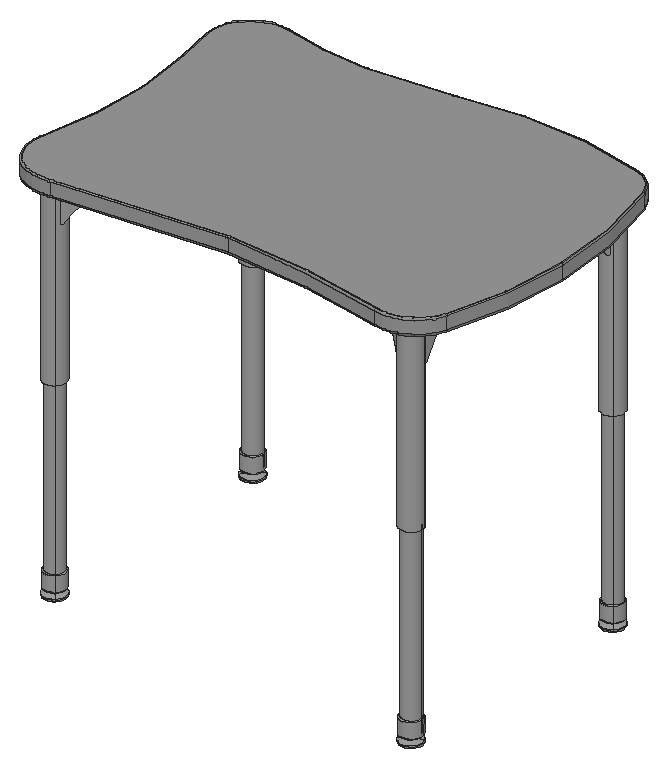
Revit family "Hierarchy Beluga Standard Desk", category Furniture, Revit 2018
Family settings
  Work Plane-Based = No
  Always vertical = Yes
  Cut with Voids When Loaded = No
  Shared = No
  Room Calculation Point = No
Parameters
  Surface = Hierarchy Beluga Desk Standard Surface
  Leg Finish = Hierarchy Leg Platinum
  Height = 2' - 5"
  Edgeband = Hierarchy Beluga Desk Standard Edgeband
  Casters/Gliders = Hierarchy Leg - Glide : Hierarchy Leg - Glide
Reference planes (in)
  plane 1 "Center (Front/Back)": y = 0
  plane 2: z = 0
  plane 3 "Center (Left/Right)": x = 0
  plane 4: z = 29
Dimensions and locks (in)
  "Height": plane 4 to level
  aligned and locked: plane 2 to level
  aligned and locked: nested 1 to plane 4
Nested families (in)
  nested 1: "Beluga Medium Tabletop" at (0, 0, 0.83068), type "Beluga Medium Tabletop"
  nested 2: "Hierarchy Leg - Glide" at (-14.07723, 10.07218, 0) x (0.7166, 0.6975, 0) z (0, 0, 1), type <- "Casters/Gliders", Leg Finish <- "Leg Finish", Leg Height <- "Height", type "Hierarchy Leg - Glide"
  nested 3: "Hierarchy Leg - Glide" at (-14.27231, -8.66326, 0) x (-0.7071, 0.7071, 0) z (0, 0, 1), type <- "Casters/Gliders", Leg Finish <- "Leg Finish", Leg Height <- "Height", type "Hierarchy Leg - Glide"
  nested 4: "Hierarchy Leg - Glide" at (13.60932, -9.32872, 0) x (-0.8749, -0.4844, 0) z (0, 0, 1), Leg Finish <- "Leg Finish", Leg Height <- "Height", type "Hierarchy Leg - Glide"
    with Leg Height 2' - 5", Leg Finish Hierarchy Leg Platinum
  nested 5: "Hierarchy Leg - Glide" at (14.16725, 9.31424, 0) x (0.6975, -0.7166, 0) z (0, 0, 1), Leg Finish <- "Leg Finish", Leg Height <- "Height", type "Hierarchy Leg - Glide"
    with Leg Height 2' - 5", Leg Finish Hierarchy Leg Platinum
Definition of nested family "Beluga Medium Tabletop"
  Parameters (values of type "Beluga Medium Tabletop")
    Surface = none
    Edgeband = none
  Reference planes (in)
    plane 1 "Center (Front/Back)": y = 0
    plane 2: z = 0
    plane 3 "Center (Left/Right)": x = 0
  Forms (in)
    Extrusion 1, solid, material <- "Surface"
      sketch origin (0, 0, 0) x (1, 0, 0) y (0, 1, 0)
        loop
          arc (-13.05798, 12.08168) -> (-15.64341, 11.36326) -> (-16.46477, 8.80867) r 2.82789
          line (-16.46477, 8.80867) -> (-15.88516, 5.68142)
          arc (-15.88516, 5.68142) -> (-15.40806, -0.79534) -> (-16.35239, -7.22063) r 29.65208
          arc (-16.35239, -7.22063) -> (-15.56424, -10.17848) -> (-12.64139, -11.08784) r 3.16705
          arc (-12.64139, -11.08784) -> (-6.35331, -10.12649) -> (0, -9.81097) r 62.33765
          arc (0, -9.81097) -> (6.2572, -10.16084) -> (12.43935, -11.18852) r 57.59241
          arc (12.43935, -11.18852) -> (14.6727, -10.8588) -> (16.1145, -9.12163) r 3.15622
          arc (16.1145, -9.12163) -> (17.2485, -4.62246) -> (17.65018, 0) r 28.9898
          arc (17.65018, 0) -> (17.26847, 4.97473) -> (16.06857, 9.81765) r 30.03763
          arc (16.06857, 9.81765) -> (15.33862, 10.95737) -> (14.16003, 11.62272) r 2.80546
          arc (14.16003, 11.62272) -> (7.04441, 12.69556) -> (-0.12141, 12.03676) r 29.89142
          arc (-0.12141, 12.03676) -> (-3.26921, 11.52773) -> (-6.45286, 11.34834) r 30.66359
          arc (-6.45286, 11.34834) -> (-9.7765, 11.52517) -> (-13.05798, 12.08168) r 28.99825
      from 28.16932 to 29.36932
    Sweep 2, solid, material <- "Edgeband"
      path origin (0, 0, 0) x (1, 0, 0) y (0, 1, 0)
        loop
          arc (-12.64139, -11.08784) -> (-6.35331, -10.12649) -> (0, -9.81097) r 62.33765
          arc (0, -9.81097) -> (6.2572, -10.16084) -> (12.43935, -11.18852) r 57.59241
          arc (12.43935, -11.18852) -> (14.6727, -10.8588) -> (16.1145, -9.12163) r 3.15622
          arc (16.1145, -9.12163) -> (17.2485, -4.62246) -> (17.65018, 0) r 28.9898
          arc (17.65018, 0) -> (17.26847, 4.97473) -> (16.06857, 9.81765) r 30.03763
          arc (16.06857, 9.81765) -> (15.33862, 10.95737) -> (14.16003, 11.62272) r 2.80546
          arc (14.16003, 11.62272) -> (7.04441, 12.69556) -> (-0.12141, 12.03676) r 29.89142
          arc (-0.12141, 12.03676) -> (-3.26921, 11.52773) -> (-6.45286, 11.34834) r 30.66359
          arc (-6.45286, 11.34834) -> (-9.7765, 11.52517) -> (-13.05798, 12.08168) r 28.99825
          arc (-13.05798, 12.08168) -> (-15.64341, 11.36326) -> (-16.46477, 8.80867) r 2.82789
          line (-16.46477, 8.80867) -> (-15.88516, 5.68142)
          arc (-15.88516, 5.68142) -> (-15.40806, -0.79534) -> (-16.35239, -7.22063) r 29.65208
          arc (-16.35239, -7.22063) -> (-15.56424, -10.17848) -> (-12.64139, -11.08784) r 3.16705
      profile origin (-6.35331, -10.12649, 0) x (-0.100496, 0.994938, 0) y (0, 0, 1)
        loop
          line (0, 28.16932) -> (0, 29.36932)
          arc (0, 29.36932) -> (-0.08278, 29.33503) -> (-0.11707, 29.25225) r 0.11707
          line (-0.11707, 29.25225) -> (-0.11707, 28.2864)
          arc (-0.11707, 28.2864) -> (-0.08278, 28.20361) -> (0, 28.16932) r 0.11707
  Dimensions and locks (in)
    aligned and locked: plane 2 to level
Definition of nested family "Hierarchy Leg - Glide"
  Parameters (values of type "Hierarchy Leg - Glide")
    Leg Finish [instance] = none
    Leg Height [instance] = 2' - 5"
  Reference planes (in)
    plane 1 "Center (Front/Back)": y = 0
    plane 2: z = 0
    plane 3 "Center (Left/Right)": x = 0
  Forms (in)
    Extrusion 1, solid
      sketch origin (-0.01562, 0, 0) x (1, 0, 0) y (0, 1, 0)
        loop
          circle (0.01563, 0) r 0.67016
      from 0.67618 to 16.17618
    Revolve 2, solid
      sketch origin (0, 0, 0) x (1, 0, 0) y (0, 0, 1)
        loop
          line (-0.73189, 1.80118) -> (-0.79439, 1.73867) -> (-0.79439, 0.61381) -> (-0.73176, 0.55118) -> (-0.125, 0.55118) -> (-0.125, 0.42618) -> (-0.84656, 0.16241) -> (-0.84656, 0.08994) -> (-0.81359, 0) -> (0, 0) -> (0, 1.80118) -> (-0.73189, 1.80118)
        axis (0, 1.80118) -> (0, 0)
      angle from 0 to 360
  Dimensions and locks (in)
    "Leg Height": nested 1 to level
    aligned and locked: plane 2 to level
  Automatic sketch dimensions
    plane 1 "Center (Front/Back)" to Extrusion 1 sketch curve = 0' - 0"
    Extrusion 1 sketch curve to plane 3 "Center (Left/Right)" = 0' - 0"
    Revolve 2 sketch curve to level = 0' - 0"
    Revolve 2 sketch curve to plane 3 "Center (Left/Right)" = 0' - 0"  (x2)
    Revolve 2 sketch curve to plane 3 "Center (Left/Right)" = 0' - 0 1/8"
    Revolve 2 sketch curve to Revolve 2 sketch curve = 0' - 0.60676"
    Revolve 2 sketch curve to Revolve 2 sketch curve = 0' - 0.73189"
    Revolve 2 sketch curve to Revolve 2 sketch curve = 0' - 0.06263"  (x2)
    Revolve 2 sketch curve to Revolve 2 sketch curve = 0' - 0.08183"
    Revolve 2 sketch curve to Revolve 2 sketch curve = 0' - 0.03297"
    level to Revolve 2 sketch curve = 0' - 0.08994"
    Revolve 2 sketch curve to Revolve 2 sketch curve = 0' - 0.07247"
    level to Revolve 2 sketch curve = 0' - 0.42618"
    Revolve 2 sketch curve to Revolve 2 sketch curve = 0' - 0 1/8"
    Revolve 2 sketch curve to Revolve 2 sketch curve = 0' - 1.12486"
    Revolve 2 sketch curve to Revolve 2 sketch curve = 0' - 0 1/16"
    Revolve 2 sketch curve to level = 2' - 0"
    Revolve 2 sketch curve to Revolve 2 sketch curve = 8' - 4.91764"
    radius of Extrusion 1 sketch curve = 0' - 0.67016"
  Nested families (in)
    nested 1: "Hierarchy Upper Leg 2023" at (0, 0, 1.19783), Shapes Leg Finish <- "Leg Finish", type "Hierarchy Upper Leg 2023"
      with Shapes Leg Finish none
  Definition of nested family "Hierarchy Upper Leg 2023"
    Parameters (values of type "Hierarchy Upper Leg 2023")
      Shapes Leg Finish [instance] = none
    Reference planes (in)
      plane 1 "Center (Front/Back)": y = 0
      plane 2: z = 0
      plane 3 "Center (Left/Right)": x = 0
    Forms (in)
      Extrusion 1, solid, material <- "Shapes Leg Finish"
        sketch origin (0, 0, 0) x (1, 0, 0) y (0, 1, 0)
          loop
            circle (0, 0) r 0.84802
        from 13.67618 to 27.67618
      Extrusion 2, solid, material <- "Shapes Leg Finish"
        sketch origin (0, 0, 0) x (1, 0, 0) y (0, 1, 0)
          loop
            line (-1.70174, 0.19183) -> (-2.88626, -2.26116)
            arc (-2.88626, -2.26116) -> (-2.83993, -3.09822) -> (-2.1063, -3.50394) r 0.86614
            line (-2.1063, -3.50394) -> (2.1063, -3.50394)
            arc (2.1063, -3.50394) -> (2.83993, -3.09822) -> (2.88626, -2.26116) r 0.86614
            line (2.88626, -2.26116) -> (1.70174, 0.19183)
            arc (1.70174, 0.19183) -> (0, 1.25984) -> (-1.70174, 0.19183) r 1.88976
        from 27.67618 to 27.80217
      Extrusion 3, solid, material <- "Shapes Leg Finish"
        sketch origin (-1.48519, 8.66524, 0) x (-0.434844, 0.900506, 0) y (0, 0, 1)
          loop
            line (-9.01425, 27.67618) -> (-11.80952, 27.67618)
            arc (-11.80952, 27.67618) -> (-11.92325, 27.58993) -> (-11.87088, 27.45715) r 0.11811
            arc (-11.87088, 27.45715) -> (-10.39364, 26.29679) -> (-9.23328, 24.81955) r 7.87402
            arc (-9.23328, 24.81955) -> (-9.1005, 24.76717) -> (-9.01425, 24.88091) r 0.11811
            line (-9.01425, 24.88091) -> (-9.01425, 27.67618)
        from -1.94075 to -1.81476
      Extrusion 4, solid, material <- "Shapes Leg Finish"
        sketch origin (1.48519, 8.66524, 0) x (0.434844, 0.900506, 0) y (0, 0, -1)
          loop
            line (-9.01425, -27.67618) -> (-9.01425, -24.88091)
            arc (-9.01425, -24.88091) -> (-9.1005, -24.76717) -> (-9.23328, -24.81955) r 0.11811
            arc (-9.23328, -24.81955) -> (-10.39364, -26.29679) -> (-11.87088, -27.45715) r 7.87402
            arc (-11.87088, -27.45715) -> (-11.92325, -27.58993) -> (-11.80952, -27.67618) r 0.11811
            line (-11.80952, -27.67618) -> (-9.01425, -27.67618)
        from -1.94075 to -1.81476
    Dimensions and locks (in)
      aligned and locked: plane 2 to level
